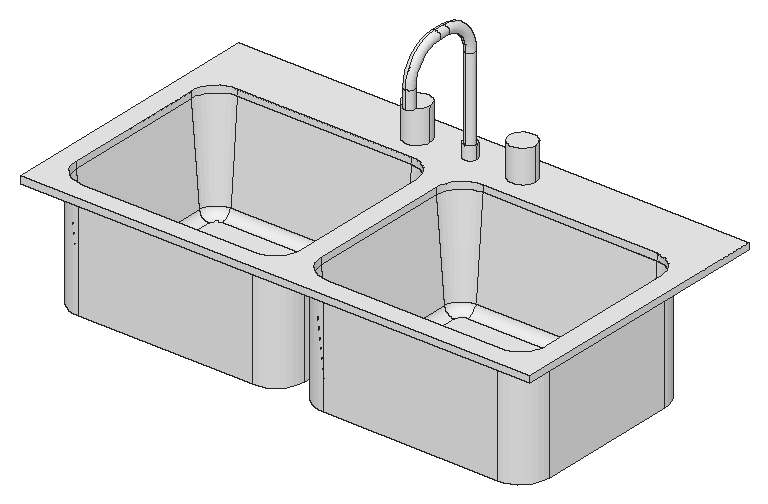
Revit family "Sink - Kitchen (10)", category Plumbing Fixtures, Revit 2019
Family settings
  Round Connector Dimension = Use Diameter
  Part Type = Normal
  Work Plane-Based = No
  Always vertical = Yes
  Cut with Voids When Loaded = No
  Shared = Yes
  Room Calculation Point = No
Parameters (values of type "1000 x 535mm")
  Keynote = "N13/180"
  Counter Height = 900.00 mm
  Depth = 535.00 mm
  Fixture Material = Metal - Stainless Steel, Polished
  Sink Material = Metal - Stainless Steel, Polished
  Width = 1000.00 mm
  Assembly Code = ""
Reference planes
  plane 1 "Center (Front/Back)": y = -35.755
  plane 2: z = 0
  plane 3 "Center (Left/Right)": x = 15.689
  plane 4: y = 269.845
  plane 5: y = -265.155
  plane 6: x = -484.311
  plane 7: x = 515.689
  plane 8 "Top Of Counter": z = 900
  plane 9: z = 912.7
  plane 10: z = 684.1
  plane 11: y = 155.545
  plane 12: x = -446.211
  plane 13: y = -227.055
  plane 14: x = 477.589
  plane 15: x = -85.911
  plane 16: x = 117.289
  plane 17: y = 212.695
  plane 18: y = 212.695
  plane 19: y = 212.695
  plane 20: z = 1163.525
  plane 21: y = 63.47
  plane 22: z = 976.2
  plane 23: z = 938.1
  plane 24: x = -3.361
  plane 25: x = 34.739
  plane 26: x = -215.261
  plane 27: x = 246.639
Forms (mm)
  Extrusion 1, solid, material "Metal - Stainless Steel, Polished" <- "Sink Material"
    sketch origin (0, 0, 0) x (1, 0, 0) y (0, 1, 0)
      loop
        line (-484.311, 269.845) -> (-484.311, -265.155) -> (515.689, -265.155) -> (515.689, 269.845) -> (-484.311, 269.845)
      loop
        arc (-395.411, 155.545) -> (-431.332, 140.666) -> (-446.211, 104.745) r 50.8
        line (-446.211, 104.745) -> (-446.211, -176.255)
        arc (-446.211, -176.255) -> (-431.332, -212.176) -> (-395.411, -227.055) r 50.8
        line (-395.411, -227.055) -> (-54.161, -227.055)
        arc (-54.161, -227.055) -> (-18.24, -212.176) -> (-3.361, -176.255) r 50.8
        line (-3.361, -176.255) -> (-3.361, 104.745)
        arc (-3.361, 104.745) -> (-18.24, 140.666) -> (-54.161, 155.545) r 50.8
        line (-54.161, 155.545) -> (-395.411, 155.545)
      loop
        arc (426.789, -227.055) -> (462.71, -212.176) -> (477.589, -176.255) r 50.8
        line (477.589, -176.255) -> (477.589, 104.745)
        arc (477.589, 104.745) -> (462.71, 140.666) -> (426.789, 155.545) r 50.8
        line (426.789, 155.545) -> (85.539, 155.545)
        arc (85.539, 155.545) -> (49.618, 140.666) -> (34.739, 104.745) r 50.8
        line (34.739, 104.745) -> (34.739, -176.255)
        arc (34.739, -176.255) -> (49.618, -212.176) -> (85.539, -227.055) r 50.8
        line (85.539, -227.055) -> (426.789, -227.055)
    from 900 to 912.7
  Sweep 2, solid, material "Metal - Stainless Steel, Polished" <- "Sink Material"
    path origin (0, 0, 0) x (1, 0, 0) y (0, 1, 0)
      loop
        arc (-395.411, 155.545) -> (-431.332, 140.666) -> (-446.211, 104.745) r 50.8
        line (-446.211, 104.745) -> (-446.211, -176.255)
        arc (-446.211, -176.255) -> (-431.332, -212.176) -> (-395.411, -227.055) r 50.8
        line (-395.411, -227.055) -> (-54.161, -227.055)
        arc (-54.161, -227.055) -> (-18.24, -212.176) -> (-3.361, -176.255) r 50.8
        line (-3.361, -176.255) -> (-3.361, 104.745)
        arc (-3.361, 104.745) -> (-18.24, 140.666) -> (-54.161, 155.545) r 50.8
        line (-54.161, 155.545) -> (-395.411, 155.545)
    profile origin (-224.786, 0, 0) x (0, 1, 0) y (0, 0, 1)
      loop
        line (155.545, 900) -> (139.011, 711.015)
        arc (139.011, 711.015) -> (132.904, 698.63) -> (120.034, 693.625) r 19.05
        line (120.034, 693.625) -> (117.445, 693.625) -> (117.445, 684.1) -> (161.895, 684.1) -> (161.895, 900) -> (155.545, 900)
  Extrusion 3, solid, material "Metal - Stainless Steel, Polished" <- "Sink Material"
    sketch origin (0, 0, 0) x (1, 0, 0) y (0, 1, 0)
      loop
        arc (-395.411, 117.445) -> (-404.391, 113.726) -> (-408.111, 104.745) r 12.7
        line (-408.111, 104.745) -> (-408.111, -176.255)
        arc (-408.111, -176.255) -> (-404.391, -185.235) -> (-395.411, -188.955) r 12.7
        line (-395.411, -188.955) -> (-54.161, -188.955)
        arc (-54.161, -188.955) -> (-45.181, -185.235) -> (-41.461, -176.255) r 12.7
        line (-41.461, -176.255) -> (-41.461, 104.745)
        arc (-41.461, 104.745) -> (-45.181, 113.726) -> (-54.161, 117.445) r 12.7
        line (-54.161, 117.445) -> (-395.411, 117.445)
      loop
        circle (-215.261, -35.755) r 25.4
    from 684.1 to 693.625
  Extrusion 4, solid, material "Metal - Stainless Steel, Polished" <- "Fixture Material"
    sketch origin (0, 0, 0) x (1, 0, 0) y (0, 1, 0)
      loop
        circle (-85.911, 209.617) r 25.4
      loop
        circle (117.289, 214.813) r 25.4
    from 912.7 to 976.2
  Sweep 5, solid, material "Metal - Stainless Steel, Polished" <- "Fixture Material"
    path origin (15.689, 0, 0) x (0, 1, 0) y (0, 0, 1)
      loop
        line (212.695, 912.7) -> (212.695, 1100.025)
        arc (212.695, 1100.025) -> (194.097, 1144.926) -> (149.195, 1163.525) r 63.5
        line (149.195, 1163.525) -> (126.97, 1163.525)
        arc (126.97, 1163.525) -> (82.069, 1144.926) -> (63.47, 1100.025) r 63.5
        line (63.47, 1100.025) -> (63.47, 1065.1)
    profile origin (15.689, 0, 1006.363) x (0, -1, 0) y (1, 0, 0)
      loop
        circle (-212.695, 0) r 9.525
  Extrusion 6, solid, material "Metal - Stainless Steel, Polished" <- "Fixture Material"
    sketch origin (0, 0, 0) x (1, 0, 0) y (0, 1, 0)
      loop
        circle (15.689, 212.695) r 12.7
    from 912.7 to 938.1
  Sweep 7, solid, material "Metal - Stainless Steel, Polished" <- "Sink Material"
    path origin (31.378, 0, 0) x (-1, 0, 0) y (0, -1, 0)
      loop
        line (-395.411, -155.545) -> (-54.161, -155.545)
        arc (-54.161, -155.545) -> (-18.24, -140.666) -> (-3.361, -104.745) r 50.8
        line (-3.361, -104.745) -> (-3.361, 176.255)
        arc (-3.361, 176.255) -> (-18.24, 212.176) -> (-54.161, 227.055) r 50.8
        line (-54.161, 227.055) -> (-395.411, 227.055)
        arc (-395.411, 227.055) -> (-431.332, 212.176) -> (-446.211, 176.255) r 50.8
        line (-446.211, 176.255) -> (-446.211, -104.745)
        arc (-446.211, -104.745) -> (-431.332, -140.666) -> (-395.411, -155.545) r 50.8
    profile origin (256.164, 0, 0) x (0, -1, 0) y (0, 0, 1)
      loop
        line (-155.545, 900) -> (-161.895, 900) -> (-161.895, 684.1) -> (-117.445, 684.1) -> (-117.445, 693.625) -> (-120.034, 693.625)
        arc (-120.034, 693.625) -> (-132.904, 698.63) -> (-139.011, 711.015) r 19.05
        line (-139.011, 711.015) -> (-155.545, 900)
  Extrusion 8, solid, material "Metal - Stainless Steel, Polished" <- "Sink Material"
    sketch origin (0, 0, 0) x (1, 0, 0) y (0, 1, 0)
      loop
        arc (85.539, 120.034) -> (76.559, 116.314) -> (72.839, 107.334) r 12.7
        line (72.839, 107.334) -> (72.839, -176.255)
        arc (72.839, -176.255) -> (76.559, -185.235) -> (85.539, -188.955) r 12.7
        line (85.539, -188.955) -> (426.789, -188.955)
        arc (426.789, -188.955) -> (435.769, -185.235) -> (439.489, -176.255) r 12.7
        line (439.489, -176.255) -> (439.489, 107.334)
        arc (439.489, 107.334) -> (435.769, 116.314) -> (426.789, 120.034) r 12.7
        line (426.789, 120.034) -> (85.539, 120.034)
      loop
        circle (246.639, -35.755) r 25.4
    from 684.1 to 693.625
Cuts and joins
  joined: Sweep 5, Extrusion 6
  joined: Sweep 2, Extrusion 3
  joined: Sweep 7, Extrusion 8
Lines and regions (mm)
  Masking region 1
    outline origin (0, 0, 0) x (1, 0, 0) y (0, 1, 0)
      loop
        line (515.689, 269.845) -> (-484.311, 269.845) -> (-484.311, -265.155) -> (515.689, -265.155) -> (515.689, 269.845)
  symbolic lines
    curve 1: line (515.689, 269.845, 0) -> (-484.311, 269.845, 0)
    curve 2: line (515.689, -265.155, 0) -> (515.689, 269.845, 0)
    curve 3: line (-484.311, -265.155, 0) -> (515.689, -265.155, 0)
    curve 4: line (-484.311, 269.845, 0) -> (-484.311, -265.155, 0)
    curve 5: line (-446.211, 104.745, 0) -> (-446.211, -176.255, 0)
    curve 6: line (-395.411, -227.055, 0) -> (-54.161, -227.055, 0)
    curve 7: line (477.589, -176.255, 0) -> (477.589, 104.745, 0)
    curve 8: line (426.789, 155.545, 0) -> (85.539, 155.545, 0)
    curve 9: arc (477.589, 104.745, 0) -> (462.71, 140.666, 0) -> (426.789, 155.545, 0) r 50.8
    curve 10: arc (426.789, -227.055, 0) -> (462.71, -212.176, 0) -> (477.589, -176.255, 0) r 50.8
    curve 11: arc (-446.211, -176.255, 0) -> (-431.332, -212.176, 0) -> (-395.411, -227.055, 0) r 50.8
    curve 12: arc (-395.411, 155.545, 0) -> (-431.332, 140.666, 0) -> (-446.211, 104.745, 0) r 50.8
    curve 13: arc (-60.511, 209.617, 0) -> (-85.911, 235.017, 0) -> (-111.311, 209.617, 0) r 25.4
    curve 14: arc (142.689, 214.813, 0) -> (117.289, 240.213, 0) -> (91.889, 214.813, 0) r 25.4
    curve 15: arc (-111.311, 209.617, 0) -> (-85.911, 184.217, 0) -> (-60.511, 209.617, 0) r 25.4
    curve 16: arc (91.889, 214.813, 0) -> (117.289, 189.413, 0) -> (142.689, 214.813, 0) r 25.4
    curve 17: arc (28.389, 212.695, 0) -> (15.689, 225.395, 0) -> (2.989, 212.695, 0) r 12.7
    curve 18: line (2.989, 212.695, 0) -> (2.989, 15.045, 0)
    curve 19: line (28.389, 212.695, 0) -> (28.389, 15.045, 0)
    curve 20: arc (28.389, 15.045, 0) -> (15.689, 2.345, 0) -> (2.989, 15.045, 0) r 12.7
    curve 21: line (-3.361, 104.745, 0) -> (-3.361, -176.255, 0)
    curve 22: line (34.739, 104.745, 0) -> (34.739, -176.255, 0)
    curve 23: line (85.539, -227.055, 0) -> (426.789, -227.055, 0)
    curve 24: line (-54.161, 155.545, 0) -> (-395.411, 155.545, 0)
    curve 25: arc (85.539, 155.545, 0) -> (49.618, 140.666, 0) -> (34.739, 104.745, 0) r 50.8
    curve 26: arc (34.739, -176.255, 0) -> (49.618, -212.176, 0) -> (85.539, -227.055, 0) r 50.8
    curve 27: arc (-3.361, -176.255, 0) -> (-18.24, -212.176, 0) -> (-54.161, -227.055, 0) r 50.8
    curve 28: arc (-3.361, 104.745, 0) -> (-18.24, 140.666, 0) -> (-54.161, 155.545, 0) r 50.8
    curve 29: arc (-240.661, -35.755, 0) -> (-215.261, -10.355, 0) -> (-189.861, -35.755, 0) r 25.4
    curve 30: arc (-189.861, -35.755, 0) -> (-215.261, -61.155, 0) -> (-240.661, -35.755, 0) r 25.4
    curve 31: arc (221.239, -35.755, 0) -> (246.639, -10.355, 0) -> (272.039, -35.755, 0) r 25.4
    curve 32: arc (272.039, -35.755, 0) -> (246.639, -61.155, 0) -> (221.239, -35.755, 0) r 25.4
Dimensions and locks
  equal spacing: plane 6, plane 3 "Center (Left/Right)", plane 7
  "Width": plane 6 to plane 7
  "Depth": plane 5 to plane 4
  "Counter Height": plane 8 "Top Of Counter" to plane 2
  locked: plane 9 to plane 8 "Top Of Counter" at 12.7
  locked: plane 8 "Top Of Counter" to plane 10 at 215.9
  locked: plane 6 to plane 12 at 38.1
  locked: plane 14 to plane 7 at 38.1
  locked: plane 11 to plane 4 at 114.3
  locked: plane 5 to plane 13 at 38.1
  equal spacing: plane 11, plane 17, plane 4
  equal spacing: plane 11, plane 18, plane 4
  equal spacing: plane 4, plane 19, plane 11
  locked: plane 19 to plane 21 at 149.225
  locked: plane 20 to plane 9 at 250.825
  locked: plane 22 to plane 9 at 63.5
  locked: plane 23 to plane 9 at 25.4
  plane 24 to plane 3 "Center (Left/Right)" to plane 25 = 19.05 mm locked, 19.05 mm locked
  equal spacing: plane 12, plane 26, plane 3 "Center (Left/Right)"
  equal spacing: plane 3 "Center (Left/Right)", plane 27, plane 14
  equal spacing: plane 13, plane 1 "Center (Front/Back)", plane 11
  aligned and locked: Extrusion 1 sketch curve to plane 5
  aligned and locked: plane 7 to Extrusion 1 sketch curve
  aligned and locked: plane 4 to Extrusion 1 sketch curve
  aligned and locked: Extrusion 1 sketch curve to plane 6
  aligned and locked: plane 8 "Top Of Counter" to Extrusion 1
  aligned and locked: Extrusion 1 to plane 9
  aligned and locked: plane 11 to Extrusion 1 sketch curve
  aligned and locked: plane 14 to Extrusion 1 sketch curve
  aligned and locked: Extrusion 1 sketch curve to plane 12
  aligned and locked: Extrusion 1 sketch curve to plane 13
  aligned and locked: plane 11 to Sweep 2 sketch curve
  aligned and locked: Sweep 2 sketch curve to plane 12
  aligned and locked: Sweep 2 sketch curve to plane 13
  aligned and locked: Sweep 2 to Extrusion 3 sketch curve  (x4)
  aligned and locked: Sweep 2 to Extrusion 3
  aligned and locked: plane 10 to Extrusion 3
  aligned and locked: Sweep 2 sketch curve to plane 10
  aligned and locked: plane 8 "Top Of Counter" to Sweep 2 sketch curve
  aligned and locked: Extrusion 4 to Extrusion 1
  aligned and locked: Extrusion 6 to Extrusion 1
  aligned and locked: Sweep 5 sketch curve to plane 19
  aligned and locked: plane 20 to Sweep 5 sketch curve
  aligned and locked: plane 21 to Sweep 5 sketch curve
  aligned and locked: Extrusion 4 to plane 22
  aligned and locked: Extrusion 6 to plane 23
  aligned and locked: Sweep 2 sketch curve to Extrusion 1
  aligned and locked: Sweep 7 sketch curve to plane 14
  aligned and locked: Sweep 7 sketch curve to Extrusion 1
  aligned and locked: Sweep 7 sketch curve to plane 11
  aligned and locked: plane 13 to Sweep 7 sketch curve
  aligned and locked: Extrusion 8 to Sweep 2
  aligned and locked: plane 10 to Extrusion 8
  aligned and locked: curve 29 to Extrusion 3
  aligned and locked: curve 31 to Extrusion 8
  aligned and locked: Extrusion 8 sketch curve to Sweep 7
  aligned and locked: Sweep 7 sketch curve to plane 8 "Top Of Counter"
  aligned and locked: plane 10 to Sweep 7 sketch curve
  aligned: Masking region 1 sketch curve to curve 1
  aligned: Masking region 1 sketch curve to curve 4
  aligned: Masking region 1 sketch curve to curve 3
  aligned: Masking region 1 sketch curve to curve 2
Automatic sketch dimensions
  Sweep 2 sketch curve to profile plane = 0.00 mm
  profile plane to Sweep 2 sketch curve = 16.534 mm
  Sweep 2 sketch curve to Sweep 2 sketch curve = 18.978 mm
  Sweep 2 sketch curve to Sweep 2 sketch curve = 2.588 mm
  Sweep 2 sketch curve to profile plane = 6.35 mm
  Sweep 2 sketch curve to Sweep 2 sketch curve = 9.525 mm
  Sweep 2 sketch curve to Sweep 2 sketch curve = 17.39 mm
  Extrusion 4 sketch curve to plane 15 = 0.00 mm
  Extrusion 4 sketch curve to plane 16 = 0.00 mm
  plane 17 to Extrusion 4 sketch curve = 3.079 mm
  plane 15 to Extrusion 4 sketch curve = 25.40 mm
  Extrusion 4 sketch curve to plane 17 = 2.118 mm
  plane 16 to Extrusion 4 sketch curve = 25.40 mm
  Sweep 5 sketch curve to plane 3 "Center (Left/Right)" = 0.00 mm
  Sweep 5 sketch curve to profile plane = 0.00 mm
  profile plane to Sweep 5 sketch curve = 9.525 mm
  Extrusion 6 sketch curve to plane 18 = 0.00 mm
  Extrusion 6 sketch curve to plane 3 "Center (Left/Right)" = 0.00 mm
  Extrusion 6 sketch curve to plane 3 "Center (Left/Right)" = 12.70 mm
  Sweep 5 sketch curve to plane 9 = 0.00 mm
  Sweep 5 sketch curve to Sweep 5 sketch curve = 63.50 mm
  plane 11 to Sweep 5 sketch curve = 6.35 mm
  Sweep 5 sketch curve to Sweep 5 sketch curve = 34.925 mm
  Extrusion 1 sketch curve to plane 13 = 0.00 mm
  Extrusion 1 sketch curve to plane 24 = 0.00 mm
  Extrusion 1 sketch curve to plane 25 = 0.00 mm
  Extrusion 1 sketch curve to plane 11 = 0.00 mm
  Extrusion 1 sketch curve to plane 12 = 50.80 mm  (x2)
  Extrusion 1 sketch curve to plane 3 "Center (Left/Right)" = 69.85 mm  (x2)
  plane 3 "Center (Left/Right)" to Extrusion 1 sketch curve = 69.85 mm  (x2)
  plane 14 to Extrusion 1 sketch curve = 50.80 mm
  Extrusion 1 sketch curve to Extrusion 1 sketch curve = 50.80 mm
  Sweep 2 sketch curve to plane 12 = 50.80 mm  (x2)
  Sweep 2 sketch curve to plane 3 "Center (Left/Right)" = 69.85 mm  (x2)
  plane 14 to Sweep 7 sketch curve = 50.80 mm  (x2)
  Sweep 7 sketch curve to Sweep 7 sketch curve = 50.80 mm
  plane 3 "Center (Left/Right)" to Sweep 7 sketch curve = 69.85 mm
  Extrusion 3 sketch curve to plane 1 "Center (Front/Back)" = 0.00 mm
  Extrusion 3 sketch curve to plane 26 = 0.00 mm
  Extrusion 3 sketch curve to Extrusion 3 sketch curve = 12.70 mm  (x4)
  plane 26 to Extrusion 3 sketch curve = 25.40 mm
  Extrusion 8 sketch curve to plane 1 "Center (Front/Back)" = 0.00 mm
  Extrusion 8 sketch curve to plane 27 = 0.00 mm
  plane 27 to Extrusion 8 sketch curve = 25.40 mm
  plane 3 "Center (Left/Right)" to Extrusion 8 sketch curve = 69.85 mm  (x2)
  Extrusion 8 sketch curve to Extrusion 8 sketch curve = 12.70 mm  (x2)
  plane 11 to Extrusion 8 sketch curve = 48.212 mm
  Extrusion 8 sketch curve to plane 13 = 50.80 mm
  plane 7 to Extrusion 8 sketch curve = 88.90 mm
  Sweep 7 sketch curve to profile plane = 0.00 mm
  profile plane to Sweep 7 sketch curve = 6.35 mm
  Sweep 7 sketch curve to profile plane = 16.534 mm
  Sweep 7 sketch curve to Sweep 7 sketch curve = 18.978 mm
  Sweep 7 sketch curve to Sweep 7 sketch curve = 2.588 mm
  Sweep 7 sketch curve to Sweep 7 sketch curve = 1.66 mm
  Sweep 7 sketch curve to Sweep 7 sketch curve = 26.915 mm
  curve 1 to plane 4 = 0.00 mm
  curve 1 to plane 6 = 0.00 mm
  curve 5 to plane 12 = 0.00 mm
  curve 24 to plane 11 = 0.00 mm
  curve 6 to plane 13 = 0.00 mm
  curve 17 to plane 3 "Center (Left/Right)" = 0.00 mm
  curve 23 to plane 13 = 0.00 mm
  curve 25 to plane 11 = 0.00 mm
  curve 9 to plane 14 = 0.00 mm
  curve 3 to plane 5 = 0.00 mm
  curve 3 to plane 7 = 0.00 mm
  curve 24 to plane 12 = 50.80 mm
  curve 6 to plane 12 = 50.80 mm
  curve 13 to plane 26 = 103.95 mm
  curve 15 to curve 13 = 25.40 mm
  curve 6 to plane 3 "Center (Left/Right)" = 69.85 mm
  curve 28 to plane 3 "Center (Left/Right)" = 69.85 mm
  curve 21 to plane 3 "Center (Left/Right)" = 19.05 mm
  curve 20 to curve 20 = 12.70 mm
  plane 3 "Center (Left/Right)" to curve 26 = 19.05 mm
  plane 3 "Center (Left/Right)" to curve 23 = 69.85 mm
  plane 3 "Center (Left/Right)" to curve 25 = 69.85 mm
  curve 8 to curve 16 = 6.35 mm
  curve 14 to curve 16 = 25.40 mm
  plane 11 to curve 9 = 50.80 mm
  plane 14 to curve 23 = 50.80 mm
  curve 20 to plane 1 "Center (Front/Back)" = 50.80 mm
  curve 13 to plane 11 = 54.071 mm
  plane 4 to curve 18 = 57.15 mm
  plane 4 to curve 14 = 55.032 mm
  Masking region 1 sketch curve to plane 4 = 0.00 mm
  Masking region 1 sketch curve to plane 6 = 0.00 mm
  Masking region 1 sketch curve to plane 7 = 0.00 mm
  Masking region 1 sketch curve to plane 5 = 0.00 mm
Connectors
  piping at (246.639, -35.755, 684.1), diameter 20
    settings: on cut or joined group of Sweep 7, Extrusion 8, index 1, connector inside diameter 609.6 mm, connector length 0.00 mm, flow factor 0, pipe flow 0.0 L/s, pressure drop 0.0 Pa, fitting loss kfactor 0, connector angle 0.00°, fixture units 2, engagement length 0.00 mm, angle of deflection 0.00°, flow configuration 3, flow direction 2, fitting loss method 0, system type 16, joint type 0, gender type 0, connector reference index -1, connector utility 0, adjustable connector no, is connector primary yes, connector description "Out"
  piping at (-215.261, -35.755, 684.1), diameter 20
    settings: on cut or joined group of Sweep 2, Extrusion 3, index 2, connector inside diameter 609.6 mm, connector length 0.00 mm, flow factor 0, pipe flow 0.0 L/s, pressure drop 0.0 Pa, fitting loss kfactor 0, connector angle 0.00°, fixture units 2, engagement length 0.00 mm, angle of deflection 0.00°, flow configuration 3, flow direction 2, fitting loss method 0, system type 16, joint type 0, gender type 0, connector reference index -1, connector utility 0, adjustable connector no, is connector primary no, connector description "Out"
  piping at (117.289, 214.813, 912.7), diameter 7.5
    settings: on Extrusion 4, index 3, connector inside diameter 609.6 mm, connector length 0.00 mm, flow factor 0, pipe flow 0.0 L/s, pressure drop 0.0 Pa, fitting loss kfactor 0, connector angle 0.00°, fixture units 3, engagement length 0.00 mm, angle of deflection 0.00°, flow configuration 3, flow direction 1, fitting loss method 4, system type 20, joint type 0, gender type 0, connector reference index -1, connector utility 0, adjustable connector no, is connector primary no, connector description "In"
  piping at (-85.911, 209.617, 912.7), diameter 7.5
    settings: on Extrusion 4, index 4, connector inside diameter 609.6 mm, connector length 0.00 mm, flow factor 0, pipe flow 0.0 L/s, pressure drop 0.0 Pa, fitting loss kfactor 0, connector angle 0.00°, fixture units 3, engagement length 0.00 mm, angle of deflection 0.00°, flow configuration 3, flow direction 1, fitting loss method 4, system type 19, joint type 0, gender type 0, connector reference index -1, connector utility 0, adjustable connector no, is connector primary no, connector description "In"
